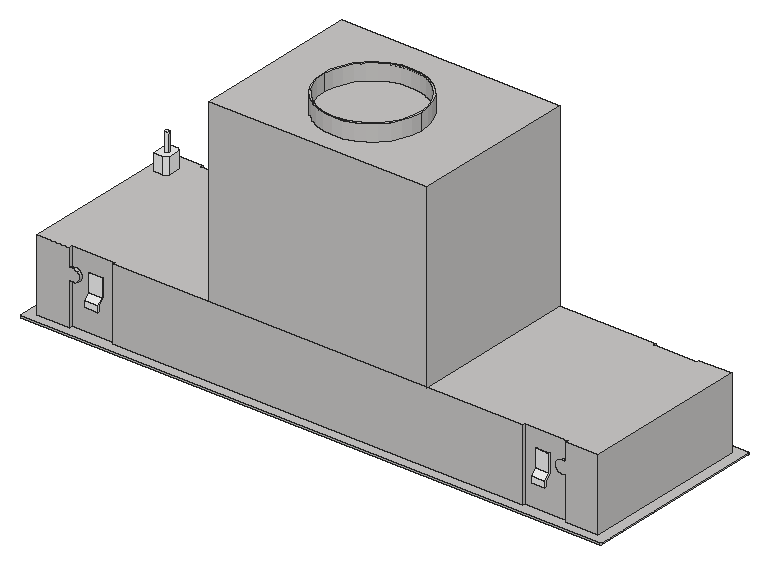
Revit family "FP_Revit_18_HPB9028-1_Rangehood_90000977B", category Specialty Equipment, Revit 2018
Family settings
  Round Connector Dimension = Use Diameter
  Part Type = Normal
  OmniClass Number = 23.40.40.00
  OmniClass Title = Food Service Equipment and Furnishings
  Work Plane-Based = No
  Always vertical = Yes
  Cut with Voids When Loaded = Yes
  Shared = No
  Room Calculation Point = No
Parameters
  Visibility - Clearance Required = yes
  URL = "www.fisherpaykel.com"
  Product - Width = 880 mm  # constant formula
  Product - Height = 412 mm  # constant formula
  Product - Depth = 280 mm  # constant formula
  Model = "HPB9028-1"
  Material - Glass = Fisher & Paykel - White Bezel
  Material - Body = Fisher & Paykel - Stainless Steel
  Manufacturer = "Fisher & Paykel Appliances"
  FFL Offset [instance] = 1550 mm
  Description = "90cm Integrated Insert Rangehood"
  Connector Description - Extraction = "150mm Outside diameter of ducting outlet, 955m³/hr"
  Connector Description - Electrical = "230 V, 15 A, Fused electrical supply"
  Chassis - Width = 849 mm  # constant formula
  Chassis - Height = 380 mm  # constant formula
  Chassis - Depth = 252 mm  # constant formula
  Cavity - Width = 855 mm  # constant formula
  Cavity - Height = 390 mm  # constant formula
  Cavity - Depth = 255 mm  # constant formula
Reference planes
  plane 1 "Center (Front/Back)": y = 0
  plane 2: z = 0
  plane 3 "Center (Left/Right)": x = 0
  plane 4 "Product LHS": x = -440
  plane 5 "Product RHS": x = 440
  plane 6 "Product Front": y = -140
  plane 7 "Cavity LHS": x = -427.5
  plane 8 "Cavity RHS": x = 427.5
  plane 9 "Product Rear": y = 140
  plane 10 "Chassis LHS": x = -424.5
  plane 11 "Chassis RHS": x = 424.5
  plane 12 "Product - Height": z = 1954.5
  plane 13 "Chassis Front": y = -126
  plane 14 "Chassis Rear": y = 126
  plane 15 "Cavity Rear": y = 127.5
  plane 16 "Cavity Front": y = -127.5
  plane 17 "Cavity - Height": z = 1940
  plane 18 "FFL Offset": z = 1550
Forms (mm)
  Extrusion 1, solid, material "Fisher & Paykel - Stainless Steel" <- "Material - Body"
    sketch origin (0, 0, 0) x (1, 0, 0) y (0, 0, 1)
      loop
        line (-165, 1658.4) -> (165, 1658.4) -> (165, 1930) -> (-165, 1930) -> (-165, 1658.4)
    from -126 to 126
  Extrusion 2, solid, material "Fisher & Paykel - Clearance Required", visible <- "Visibility - Clearance Required", detail levels coarse
    sketch origin (0, 0, 0) x (1, 0, 0) y (0, 1, 0)
      loop
        line (-427.5, 127.5) -> (-427.5, -127.5) -> (427.5, -127.5) -> (427.5, 127.5) -> (-427.5, 127.5)
    from 1550 to 1940
  Extrusion 3, solid, material "Fisher & Paykel - Clearance Required", visible <- "Visibility - Clearance Required", detail levels coarse
    sketch origin (0, 0, 0) x (1, 0, 0) y (0, 1, 0)
      loop
        circle (0.014, -23.004) r 80
    from 1940 to 1954.5
  Extrusion 4, void
    sketch origin (0, 0, 0) x (1, 0, 0) y (0, 1, 0)
      loop
        line (-427.5, 127.5) -> (-427.5, -127.5) -> (427.5, -127.5) -> (427.5, 127.5) -> (-427.5, 127.5)
    from 1550 to 1940
  Extrusion 5, void
    sketch origin (0, 0, 0) x (1, 0, 0) y (0, 1, 0)
      loop
        circle (0.014, -23.004) r 80
    from 1940 to 1954.5
  Extrusion 6, solid, material "Fisher & Paykel - Stainless Steel" <- "Material - Body"
    sketch origin (0, 0, 0) x (1, 0, 0) y (0, 1, 0)
      loop
        circle (0.014, -23.004) r 75
      loop
        circle (0.014, -23.004) r 73
    from 1930 to 1954.5
Text (mm)
  text "Due to ongoing product development, product details are subject to change without notice. \nPlease always refer to www.fisherpaykel.com for the most current product information. \n© Fisher & Paykel 2020" at (41.04, -1225.549, 0), in view "Ref. Level (Plan)"
Dimensions and locks
  equal spacing: plane 4 "Product LHS", plane 3 "Center (Left/Right)", plane 5 "Product RHS"
  "Product - Width": plane 4 "Product LHS" to plane 5 "Product RHS"
  equal spacing: plane 7 "Cavity LHS", plane 3 "Center (Left/Right)", plane 8 "Cavity RHS"
  "Cavity - Width": plane 7 "Cavity LHS" to plane 8 "Cavity RHS"
  equal spacing: plane 9 "Product Rear", plane 1 "Center (Front/Back)", plane 6 "Product Front"
  "Product - Depth": plane 9 "Product Rear" to plane 6 "Product Front"
  equal spacing: plane 10 "Chassis LHS", plane 3 "Center (Left/Right)", plane 11 "Chassis RHS"
  "Chassis - Width": plane 10 "Chassis LHS" to plane 11 "Chassis RHS"
  equal spacing: plane 14 "Chassis Rear", plane 1 "Center (Front/Back)", plane 13 "Chassis Front"
  "Chassis - Depth": plane 14 "Chassis Rear" to plane 13 "Chassis Front"
  equal spacing: plane 15 "Cavity Rear", plane 1 "Center (Front/Back)", plane 16 "Cavity Front"
  "Cavity - Depth": plane 15 "Cavity Rear" to plane 16 "Cavity Front"
  "FFL Offset": plane 18 "FFL Offset" to level
  locked: plane 18 "FFL Offset" to plane 12 "Product - Height" at 404.5
  "Cavity - Height": plane 18 "FFL Offset" to plane 17 "Cavity - Height"
  "Chassis - Height": Extrusion 1 to plane 18 "FFL Offset"
  locked: nested 1 to plane 18 "FFL Offset" at 108.4
  locked: plane 18 "FFL Offset" to Extrusion 1 at 108.4
  aligned and locked: level to plane 2
  aligned and locked: plane 14 "Chassis Rear" to Extrusion 1
  aligned and locked: Extrusion 1 to plane 13 "Chassis Front"
  aligned and locked: plane 8 "Cavity RHS" to Extrusion 2 sketch curve
  aligned and locked: plane 16 "Cavity Front" to Extrusion 2 sketch curve
  aligned and locked: Extrusion 2 sketch curve to plane 7 "Cavity LHS"
  aligned and locked: Extrusion 2 sketch curve to plane 15 "Cavity Rear"
  aligned and locked: Extrusion 2 to plane 17 "Cavity - Height"
  aligned and locked: Extrusion 3 to Extrusion 2
  aligned and locked: Extrusion 5 to Extrusion 4
  aligned and locked: Extrusion 3 to plane 12 "Product - Height"
  aligned and locked: Extrusion 2 to plane 18 "FFL Offset"
  aligned and locked: Extrusion 5 to plane 12 "Product - Height"
  aligned and locked: Extrusion 5 to Extrusion 2
  aligned and locked: Extrusion 4 to Extrusion 2
  aligned and locked: Extrusion 6 to plane 12 "Product - Height"
  aligned and locked: Extrusion 6 to Extrusion 1
Automatic sketch dimensions
  plane 17 "Cavity - Height" to Extrusion 1 sketch curve = 10 mm
  Extrusion 1 sketch curve to plane 3 "Center (Left/Right)" = 165 mm
  plane 3 "Center (Left/Right)" to Extrusion 1 sketch curve = 165 mm
  Extrusion 2 sketch curve to plane 8 "Cavity RHS" = 0 mm
  Extrusion 4 sketch curve to plane 7 "Cavity LHS" = 0 mm
  Extrusion 4 sketch curve to plane 8 "Cavity RHS" = 0 mm
  Extrusion 4 sketch curve to plane 16 "Cavity Front" = 0 mm
  Extrusion 4 sketch curve to plane 15 "Cavity Rear" = 0 mm
  Extrusion 6 sketch curve to Extrusion 6 sketch curve = 0 mm  (x2)
  plane 3 "Center (Left/Right)" to Extrusion 6 sketch curve = 0.014 mm
  plane 1 "Center (Front/Back)" to Extrusion 6 sketch curve = 23.004 mm
  plane 3 "Center (Left/Right)" to Extrusion 5 sketch curve = 0.014 mm
  plane 1 "Center (Front/Back)" to Extrusion 5 sketch curve = 23.004 mm
  plane 3 "Center (Left/Right)" to Extrusion 3 sketch curve = 0.014 mm
  plane 1 "Center (Front/Back)" to Extrusion 3 sketch curve = 23.004 mm
  level to Extrusion 1 sketch curve = 1658.4 mm
  radius of Extrusion 6 sketch curve = 75 mm
  radius of Extrusion 6 sketch curve = 73 mm
  radius of Extrusion 5 sketch curve = 80 mm
  radius of Extrusion 3 sketch curve = 80 mm
Nested families
  nested 1: "HPB9028-1" at (0, 0, 1550), type "HPB9028-1"
Connectors
  hvac at (0.014, -23.004, 1954.5), driven by "Connector Description - Extraction"
    settings: on Extrusion 6, index 2, duct flow 265.0 L/s, flow factor 0, pres drop 0.0 Pa, loss coef 0, conn angle 0.00°, conn width 304.8 mm, conn height 304.8 mm, conn diameter 150 mm, duct sys type 3, conn prof type 0, flow config 0, flow direction 2, loss method 0, conn ref index -1, conn util no, is conn primary yes, conn desc "150mm Outside diameter of ducting outlet, 955m³/hr"
  electrical at (-402.7, 92.95, 1710), driven by "Connector Description - Electrical"
    settings: on nested 1, index 3, voltage 230 V, apparent load 0 VA, apparent load phase1 0 VA, apparent load phase2 0 VA, apparent load phase3 0 VA, power factor 1, load classification "Other", number of poles 1, system type 30, power factor state 1, is connector primary yes, connector utility no, sub classification motor no, connector description "230 V, 15 A, Fused electrical supply"
Definition of nested family "HPB9028-1"
  Parameters (values of type "HPB9028-1")
    URL = "www.fisherpaykel.com"
    Product - Width = 880 mm  # constant formula
    Product - Depth = 280 mm  # constant formula
    Model = "HPB 9028-1"
    Material - Glass = none
    Material - Body = none
    Manufacturer = ""
    Description = ""
    Chassis - Width = 849 mm  # constant formula
    Chassis - Depth = 252 mm  # constant formula
  Reference planes
    plane 1 "Center (Front/Back)": y = 0
    plane 2: z = 0
    plane 3 "Center (Left/Right)": x = 0
    plane 4 "Product LHS": x = -440
    plane 5 "Product RHS": x = 440
    plane 6 "Product Front": y = -140
    plane 7 "Product Rear": y = 140
    plane 8 "Chassis LHS": x = -424.5
    plane 9 "Chassis RHS": x = 424.5
    plane 10 "Chassis Front": y = -126
    plane 11 "Chassis Rear": y = 126
  Forms (mm)
    Extrusion 1, solid, material <- "Material - Body"
      sketch origin (0, 0, 0) x (1, 0, 0) y (0, 0, 1)
        loop
          line (-424.5, 0) -> (424.5, 0) -> (424.5, 108.4) -> (-424.5, 108.4) -> (-424.5, 0)
      from -126 to 126
    Extrusion 2, solid, material <- "Material - Body"
      sketch origin (0, 0, 0) x (1, 0, 0) y (0, 1, 0)
        loop
          line (437.5, 140) -> (-437.5, 140)
          arc (-437.5, 140) -> (-439.268, 139.268) -> (-440, 137.5) r 2.5
          line (-440, 137.5) -> (-440, -137.5)
          arc (-440, -137.5) -> (-439.268, -139.268) -> (-437.5, -140) r 2.5
          line (-437.5, -140) -> (437.5, -140)
          arc (437.5, -140) -> (439.268, -139.268) -> (440, -137.5) r 2.5
          line (440, -137.5) -> (440, 137.5)
          arc (440, 137.5) -> (439.268, 139.268) -> (437.5, 140) r 2.5
        loop
          line (420, 120) -> (-420, 120) -> (-420, -120) -> (420, -120) -> (420, 120)
      from -2.5 to 0
    Extrusion 3, void
      sketch origin (0, 0, 0) x (1, 0, 0) y (0, 0, 1)
        loop
          line (-375.67, 108.4) -> (-375.67, 81.59) -> (-368.92, 81.59)
          arc (-368.92, 81.59) -> (-359.92, 72.59) -> (-368.92, 63.59) r 9
          line (-368.92, 63.59) -> (-375.057, 63.59) -> (-375.057, 0) -> (-310.52, 0) -> (-310.52, 108.4) -> (-375.67, 108.4)
        loop
          line (375.67, 108.4) -> (310.52, 108.4) -> (310.52, 0) -> (375.057, 0) -> (375.057, 63.59) -> (368.92, 63.59)
          arc (368.92, 63.59) -> (359.92, 72.59) -> (368.92, 81.59) r 9
          line (368.92, 81.59) -> (375.67, 81.59) -> (375.67, 108.4)
      from 122 to 126
    Extrusion 4, void
      sketch origin (0, 0, 0) x (1, 0, 0) y (0, 0, -1)
        loop
          line (-375.67, -108.4) -> (-310.52, -108.4) -> (-310.52, 0) -> (-375.057, 0) -> (-375.057, -63.59) -> (-368.92, -63.59)
          arc (-368.92, -63.59) -> (-359.92, -72.59) -> (-368.92, -81.59) r 9
          line (-368.92, -81.59) -> (-375.67, -81.59) -> (-375.67, -108.4)
        loop
          line (375.67, -108.4) -> (375.67, -81.59) -> (368.92, -81.59)
          arc (368.92, -81.59) -> (359.92, -72.59) -> (368.92, -63.59) r 9
          line (368.92, -63.59) -> (375.057, -63.59) -> (375.057, 0) -> (310.52, 0) -> (310.52, -108.4) -> (375.67, -108.4)
      from 122 to 126
    Extrusion 5, solid, detail levels fine
      sketch origin (0, 0, 0) x (0, 1, 0) y (0, 0, 1)
        loop
          line (-131.082, 47.589) -> (-131.082, 39.32) -> (-129.882, 39.32) -> (-129.882, 47.095) -> (-122, 54.977) -> (-122, 82.186) -> (-123.2, 82.186) -> (-123.2, 55.471) -> (-131.082, 47.589)
      from -347.88 to -328
    Extrusion 6, void
      sketch origin (0, 0, 0) x (1, 0, 0) y (0, 0, 1)
        loop
          line (-420, -2.5) -> (420, -2.5) -> (420, 0) -> (377.4, 17.365) -> (-377.4, 17.365) -> (-420, 0) -> (-420, -2.5)
      from -120 to 120
    Extrusion 7, void
      sketch origin (0, 0, 0) x (0, 1, 0) y (0, 0, 1)
        loop
          line (120, 17.365) -> (106.782, 67.5) -> (-67.2, 67.5) -> (-67.2, 27) -> (-87.6, 27) -> (-87.6, 67.5) -> (-120, 67.5) -> (-120, 17.365) -> (120, 17.365)
      from -377.4 to 377.4
    Extrusion 8, solid, material <- "Material - Body", detail levels medium+fine
      sketch origin (0, 0, 0) x (1, 0, 0) y (0, 0, 1)
        loop
          line (351.267, 39.229) -> (325.673, 39.229) -> (325.673, 19.87) -> (351.267, 19.87) -> (351.267, 39.229)
        loop
          line (310.52, 39.229) -> (288.173, 39.229) -> (288.173, 19.87) -> (310.52, 19.87) -> (310.52, 39.229)
        loop
          line (276.267, 39.229) -> (250.673, 39.229) -> (250.673, 19.87) -> (276.267, 19.87) -> (276.267, 39.229)
        loop
          line (238.767, 39.229) -> (213.173, 39.229) -> (213.173, 19.87) -> (238.767, 19.87) -> (238.767, 39.229)
        loop
          line (201.267, 39.229) -> (175.673, 39.229) -> (175.673, 19.87) -> (201.267, 19.87) -> (201.267, 39.229)
        loop
          line (150.965, 39.229) -> (150.965, 19.87) -> (163.767, 19.87) -> (163.767, 39.229) -> (150.965, 39.229)
        loop
          line (150.585, 39.229) -> (137.793, 39.229) -> (137.793, 19.87) -> (150.585, 19.87) -> (150.585, 39.229)
        loop
          line (125.888, 39.229) -> (100.293, 39.229) -> (100.293, 19.87) -> (125.888, 19.87) -> (125.888, 39.229)
        loop
          line (88.388, 39.229) -> (62.793, 39.229) -> (62.793, 19.87) -> (88.388, 19.87) -> (88.388, 39.229)
        loop
          line (50.888, 39.229) -> (25.293, 39.229) -> (25.293, 19.87) -> (50.888, 19.87) -> (50.888, 39.229)
        loop
          line (12.797, 39.229) -> (-12.797, 39.229) -> (-12.797, 19.87) -> (12.797, 19.87) -> (12.797, 39.229)
        loop
          line (363.173, 39.229) -> (363.173, 19.87) -> (375.057, 19.87) -> (375.057, 39.229) -> (363.173, 39.229)
        loop
          line (-351.267, 39.229) -> (-351.267, 19.87) -> (-325.673, 19.87) -> (-325.673, 39.229) -> (-351.267, 39.229)
        loop
          line (-310.52, 39.229) -> (-310.52, 19.87) -> (-288.173, 19.87) -> (-288.173, 39.229) -> (-310.52, 39.229)
        loop
          line (-276.267, 39.229) -> (-276.267, 19.87) -> (-250.673, 19.87) -> (-250.673, 39.229) -> (-276.267, 39.229)
        loop
          line (-238.767, 39.229) -> (-238.767, 19.87) -> (-213.173, 19.87) -> (-213.173, 39.229) -> (-238.767, 39.229)
        loop
          line (-201.267, 39.229) -> (-201.267, 19.87) -> (-175.673, 19.87) -> (-175.673, 39.229) -> (-201.267, 39.229)
        loop
          line (-150.965, 39.229) -> (-163.767, 39.229) -> (-163.767, 19.87) -> (-150.965, 19.87) -> (-150.965, 39.229)
        loop
          line (-150.585, 39.229) -> (-150.585, 19.87) -> (-137.793, 19.87) -> (-137.793, 39.229) -> (-150.585, 39.229)
        loop
          line (-125.888, 39.229) -> (-125.888, 19.87) -> (-100.293, 19.87) -> (-100.293, 39.229) -> (-125.888, 39.229)
        loop
          line (-88.388, 39.229) -> (-88.388, 19.87) -> (-62.793, 19.87) -> (-62.793, 39.229) -> (-88.388, 39.229)
        loop
          line (-50.888, 39.229) -> (-50.888, 19.87) -> (-25.293, 19.87) -> (-25.293, 39.229) -> (-50.888, 39.229)
        loop
          line (-363.173, 39.229) -> (-375.057, 39.229) -> (-375.057, 19.87) -> (-363.173, 19.87) -> (-363.173, 39.229)
      from -97.693 to 67.2
    Extrusion 9, solid, material <- "Material - Body", detail levels medium+fine
      sketch origin (0, 0, 0) x (0, 1, 0) y (0, 0, 1)
        loop
          line (98.187, 39.229) -> (98.187, 19.333) -> (110.095, 16.053) -> (117.213, 19.87) -> (117.213, 25.663) -> (113.831, 39.229) -> (98.187, 39.229)
      from -375 to 375
    Extrusion 10, solid, material <- "Material - Body", detail levels fine
      sketch origin (0, 0, 0) x (1, 0, 0) y (0, 1, 0)
        loop
          circle (-263.124, 67.08) r 6
        loop
          circle (-263.124, -42.683) r 6
        loop
          circle (263.124, 67.08) r 6
        loop
          circle (263.124, -42.683) r 6
        loop
          circle (0, 67.08) r 6
        loop
          circle (0, -42.683) r 6
      from 13 to 19.87
    Extrusion 11, solid, detail levels fine
      sketch origin (0, 0, 0) x (0, 1, 0) y (0, 0, -1)
        loop
          line (-131.082, -47.589) -> (-123.2, -55.471) -> (-123.2, -82.186) -> (-122, -82.186) -> (-122, -54.977) -> (-129.882, -47.095) -> (-129.882, -39.32) -> (-131.082, -39.32) -> (-131.082, -47.589)
      from -347.88 to -328
    Extrusion 12, solid, detail levels fine
      sketch origin (0, 0, 0) x (0, -1, 0) y (0, 0, -1)
        loop
          line (-131.082, -47.589) -> (-123.2, -55.471) -> (-123.2, -82.186) -> (-122, -82.186) -> (-122, -54.977) -> (-129.882, -47.095) -> (-129.882, -39.32) -> (-131.082, -39.32) -> (-131.082, -47.589)
      from -347.88 to -328
    Extrusion 13, solid, detail levels fine
      sketch origin (0, 0, 0) x (0, -1, 0) y (0, 0, 1)
        loop
          line (-131.082, 47.589) -> (-131.082, 39.32) -> (-129.882, 39.32) -> (-129.882, 47.095) -> (-122, 54.977) -> (-122, 82.186) -> (-123.2, 82.186) -> (-123.2, 55.471) -> (-131.082, 47.589)
      from -347.88 to -328
    Extrusion 14, solid
      sketch origin (-1, 0.2, 0) x (1, 0, 0) y (0, 1, 0)
        loop
          line (-411.7, 106.5) -> (-411.7, 79) -> (-396.95, 79) -> (-391.7, 84.25) -> (-391.7, 101.25) -> (-396.95, 106.5) -> (-411.7, 106.5)
      from 108.4 to 133.4
    Extrusion 15, solid
      sketch origin (-1, 0.2, 0) x (1, 0, 0) y (0, 1, 0)
        loop
          circle (-401.7, 92.75) r 3
      from 133.4 to 160
    Extrusion 16, solid, material <- "Material - Glass", detail levels fine
      sketch origin (0, 0, 0) x (0, 1, 0) y (0, 0, 1)
        loop
          line (-120, 67.5) -> (-120, 27) -> (-87.6, 27) -> (-87.6, 67.5) -> (-120, 67.5)
      from -377.4 to 377.4
  Cuts and joins
    Extrusion 3, Extrusion 4, Extrusion 6, Extrusion 7 cuts Extrusion 1
    Extrusion 4 cuts Extrusion 2
  Text (mm)
    text "Due to ongoing product development, product details are subject to change without notice. \nPlease always refer to www.fisherpaykel.com for the most current product information. \n© Fisher & Paykel 2020" at (41.04, -1225.549, 0), in view "Ref. Level (Plan)"
  Dimensions and locks
    equal spacing: plane 4 "Product LHS", plane 3 "Center (Left/Right)", plane 5 "Product RHS"
    "Product - Width": plane 4 "Product LHS" to plane 5 "Product RHS"
    equal spacing: plane 7 "Product Rear", plane 1 "Center (Front/Back)", plane 6 "Product Front"
    "Product - Depth": plane 7 "Product Rear" to plane 6 "Product Front"
    equal spacing: plane 8 "Chassis LHS", plane 3 "Center (Left/Right)", plane 9 "Chassis RHS"
    "Chassis - Width": plane 8 "Chassis LHS" to plane 9 "Chassis RHS"
    Extrusion 8 to Extrusion 9 = 19.359 mm
    level to Extrusion 9 = 39.229 mm
    locked: level to cut or joined group of Extrusion 2, Extrusion 4 at 2.5
    cut or joined group of Extrusion 1, Extrusion 3, Extrusion 4, Extrusion 6, Extrusion 7 to level = 108.4 mm
    equal spacing: plane 11 "Chassis Rear", plane 1 "Center (Front/Back)", plane 10 "Chassis Front"
    "Chassis - Depth": plane 11 "Chassis Rear" to plane 10 "Chassis Front"
    plane 1 "Center (Front/Back)" to Extrusion 15 = 92.95 mm
    aligned and locked: level to plane 2
    aligned and locked: plane 8 "Chassis LHS" to Extrusion 1 sketch curve
    aligned and locked: Extrusion 1 sketch curve to plane 9 "Chassis RHS"
    aligned and locked: level to Extrusion 1 sketch curve
    aligned and locked: plane 7 "Product Rear" to Extrusion 2 sketch curve
    aligned and locked: plane 4 "Product LHS" to Extrusion 2 sketch curve
    aligned and locked: Extrusion 2 sketch curve to plane 6 "Product Front"
    aligned and locked: Extrusion 2 sketch curve to plane 5 "Product RHS"
    aligned and locked: Extrusion 10 to Extrusion 8
    aligned and locked: Extrusion 1 to Extrusion 4
    aligned and locked: Extrusion 1 to Extrusion 3
    aligned and locked: plane 11 "Chassis Rear" to Extrusion 1
    aligned and locked: Extrusion 1 to plane 10 "Chassis Front"
    aligned and locked: Extrusion 1 to plane 8 "Chassis LHS"
    aligned and locked: plane 9 "Chassis RHS" to Extrusion 1
  Automatic sketch dimensions
    level to Extrusion 1 sketch curve = 108.4 mm
    Extrusion 3 sketch curve to level = 0 mm  (x2)
    plane 8 "Chassis LHS" to Extrusion 3 sketch curve = 48.83 mm
    plane 8 "Chassis LHS" to Extrusion 3 sketch curve = 49.443 mm
    Extrusion 3 sketch curve to Extrusion 3 sketch curve = 6.75 mm  (x2)
    Extrusion 3 sketch curve to Extrusion 3 sketch curve = 58.4 mm
    Extrusion 3 sketch curve to plane 9 "Chassis RHS" = 113.98 mm
    Extrusion 3 sketch curve to plane 9 "Chassis RHS" = 55.58 mm
    Extrusion 3 sketch curve to plane 9 "Chassis RHS" = 49.443 mm
    level to Extrusion 3 sketch curve = 63.59 mm  (x2)
    Extrusion 3 sketch curve to Extrusion 3 sketch curve = 9 mm  (x2)
    Extrusion 3 sketch curve to Extrusion 3 sketch curve = 26.81 mm  (x2)
    Extrusion 4 sketch curve to level = 0 mm  (x2)
    plane 8 "Chassis LHS" to Extrusion 4 sketch curve = 48.83 mm
    plane 8 "Chassis LHS" to Extrusion 4 sketch curve = 49.443 mm
    Extrusion 4 sketch curve to Extrusion 4 sketch curve = 6.75 mm  (x2)
    Extrusion 4 sketch curve to Extrusion 4 sketch curve = 58.4 mm
    Extrusion 4 sketch curve to plane 9 "Chassis RHS" = 113.98 mm
    Extrusion 4 sketch curve to plane 9 "Chassis RHS" = 55.58 mm
    Extrusion 4 sketch curve to plane 9 "Chassis RHS" = 49.443 mm
    level to Extrusion 4 sketch curve = 63.59 mm  (x2)
    Extrusion 4 sketch curve to Extrusion 4 sketch curve = 9 mm  (x2)
    Extrusion 4 sketch curve to Extrusion 4 sketch curve = 26.81 mm  (x2)
    Extrusion 5 sketch curve to Extrusion 5 sketch curve = 1.2 mm  (x2)
    plane 10 "Chassis Front" to Extrusion 5 sketch curve = 2.8 mm
    level to Extrusion 5 sketch curve = 39.32 mm
    Extrusion 5 sketch curve to Extrusion 5 sketch curve = 7.775 mm
    Extrusion 5 sketch curve to Extrusion 5 sketch curve = 0.494 mm  (x2)
    Extrusion 5 sketch curve to Extrusion 5 sketch curve = 7.882 mm
    Extrusion 5 sketch curve to Extrusion 5 sketch curve = 26.715 mm
    Extrusion 6 sketch curve to level = 0 mm  (x2)
    plane 8 "Chassis LHS" to Extrusion 6 sketch curve = 4.5 mm
    level to Extrusion 6 sketch curve = 17.365 mm
    Extrusion 6 sketch curve to Extrusion 6 sketch curve = 42.6 mm
    Extrusion 6 sketch curve to plane 9 "Chassis RHS" = 47.1 mm
    Extrusion 6 sketch curve to plane 9 "Chassis RHS" = 4.5 mm
    Extrusion 6 sketch curve to level = 2.5 mm
    level to Extrusion 8 sketch curve = 19.87 mm  (x4)
    plane 8 "Chassis LHS" to Extrusion 8 sketch curve = 49.443 mm
    Extrusion 8 sketch curve to Extrusion 8 sketch curve = 11.884 mm  (x2)
    Extrusion 8 sketch curve to Extrusion 8 sketch curve = 11.905 mm  (x16)
    Extrusion 8 sketch curve to Extrusion 8 sketch curve = 25.595 mm  (x13)
    Extrusion 8 sketch curve to Extrusion 8 sketch curve = 15.153 mm  (x2)
    Extrusion 8 sketch curve to Extrusion 8 sketch curve = 22.347 mm  (x2)
    Extrusion 8 sketch curve to Extrusion 8 sketch curve = 12.802 mm  (x2)
    Extrusion 8 sketch curve to Extrusion 8 sketch curve = 0.38 mm  (x2)
    Extrusion 8 sketch curve to Extrusion 8 sketch curve = 12.792 mm  (x2)
    Extrusion 8 sketch curve to plane 3 "Center (Left/Right)" = 25.293 mm
    Extrusion 8 sketch curve to Extrusion 8 sketch curve = 12.496 mm  (x2)
    plane 3 "Center (Left/Right)" to Extrusion 8 sketch curve = 12.797 mm
    Extrusion 8 sketch curve to Extrusion 8 sketch curve = 0 mm  (x38)
    Extrusion 8 sketch curve to Extrusion 8 sketch curve = 19.359 mm  (x4)
    Extrusion 9 sketch curve to plane 11 "Chassis Rear" = 27.813 mm
    Extrusion 9 sketch curve to Extrusion 9 sketch curve = 11.908 mm
    Extrusion 9 sketch curve to plane 11 "Chassis Rear" = 12.169 mm
    Extrusion 9 sketch curve to plane 11 "Chassis Rear" = 8.787 mm
    level to Extrusion 9 sketch curve = 16.053 mm
    Extrusion 9 sketch curve to Extrusion 9 sketch curve = 3.28 mm
    Extrusion 9 sketch curve to Extrusion 9 sketch curve = 3.817 mm
    Extrusion 9 sketch curve to Extrusion 9 sketch curve = 5.794 mm
    Extrusion 9 sketch curve to Extrusion 9 sketch curve = 13.565 mm
    Extrusion 10 sketch curve to plane 3 "Center (Left/Right)" = 0 mm  (x2)
    Extrusion 10 sketch curve to plane 11 "Chassis Rear" = 58.92 mm  (x3)
    plane 8 "Chassis LHS" to Extrusion 10 sketch curve = 161.376 mm
    plane 1 "Center (Front/Back)" to Extrusion 10 sketch curve = 42.683 mm  (x3)
    Extrusion 10 sketch curve to Extrusion 10 sketch curve = 0 mm  (x2)
    Extrusion 10 sketch curve to plane 9 "Chassis RHS" = 161.376 mm
    Extrusion 11 sketch curve to Extrusion 11 sketch curve = 1.2 mm  (x2)
    plane 10 "Chassis Front" to Extrusion 11 sketch curve = 2.8 mm
    level to Extrusion 11 sketch curve = 82.186 mm
    Extrusion 11 sketch curve to Extrusion 11 sketch curve = 26.715 mm
    Extrusion 11 sketch curve to Extrusion 11 sketch curve = 0.494 mm  (x2)
    Extrusion 11 sketch curve to Extrusion 11 sketch curve = 7.882 mm
    Extrusion 11 sketch curve to Extrusion 11 sketch curve = 7.775 mm
    Extrusion 12 sketch curve to Extrusion 12 sketch curve = 1.2 mm  (x2)
    plane 11 "Chassis Rear" to Extrusion 12 sketch curve = 2.8 mm
    Extrusion 12 sketch curve to level = 39.32 mm
    Extrusion 12 sketch curve to Extrusion 12 sketch curve = 7.775 mm
    Extrusion 12 sketch curve to Extrusion 12 sketch curve = 0.494 mm  (x2)
    Extrusion 12 sketch curve to Extrusion 12 sketch curve = 7.882 mm
    Extrusion 12 sketch curve to Extrusion 12 sketch curve = 26.715 mm
    Extrusion 13 sketch curve to Extrusion 13 sketch curve = 1.2 mm  (x2)
    Extrusion 13 sketch curve to plane 11 "Chassis Rear" = 2.8 mm
    level to Extrusion 13 sketch curve = 39.32 mm
    Extrusion 13 sketch curve to Extrusion 13 sketch curve = 7.775 mm
    Extrusion 13 sketch curve to Extrusion 13 sketch curve = 0.494 mm  (x2)
    Extrusion 13 sketch curve to Extrusion 13 sketch curve = 7.882 mm
    Extrusion 13 sketch curve to Extrusion 13 sketch curve = 26.715 mm
    plane 8 "Chassis LHS" to Extrusion 14 sketch curve = 11.8 mm
    Extrusion 14 sketch curve to Extrusion 14 sketch curve = 14.75 mm
    Extrusion 14 sketch curve to Extrusion 14 sketch curve = 20 mm
    Extrusion 14 sketch curve to Extrusion 14 sketch curve = 5.25 mm  (x3)
    Extrusion 14 sketch curve to Extrusion 14 sketch curve = 17 mm
    Extrusion 14 sketch curve to plane 11 "Chassis Rear" = 19.3 mm
    plane 8 "Chassis LHS" to Extrusion 15 sketch curve = 21.8 mm
    Extrusion 15 sketch curve to plane 11 "Chassis Rear" = 33.05 mm
    plane 10 "Chassis Front" to Extrusion 16 sketch curve = 6 mm
    Extrusion 16 sketch curve to Extrusion 16 sketch curve = 32.4 mm
    level to Extrusion 16 sketch curve = 27 mm
    Extrusion 16 sketch curve to Extrusion 16 sketch curve = 40.5 mm
    plane 10 "Chassis Front" to Extrusion 7 sketch curve = 6 mm
    Extrusion 7 sketch curve to Extrusion 7 sketch curve = 32.4 mm
    Extrusion 7 sketch curve to Extrusion 7 sketch curve = 20.4 mm
    Extrusion 7 sketch curve to plane 11 "Chassis Rear" = 19.218 mm
    Extrusion 7 sketch curve to plane 11 "Chassis Rear" = 6 mm
    level to Extrusion 7 sketch curve = 17.365 mm
    level to Extrusion 7 sketch curve = 27 mm
    Extrusion 7 sketch curve to Extrusion 7 sketch curve = 40.5 mm
    Extrusion 7 sketch curve to Extrusion 7 sketch curve = 50.135 mm
    Extrusion 2 sketch curve to plane 4 "Product LHS" = 2.5 mm
    plane 8 "Chassis LHS" to Extrusion 2 sketch curve = 4.5 mm
    Extrusion 2 sketch curve to plane 1 "Center (Front/Back)" = 137.5 mm
    Extrusion 2 sketch curve to plane 9 "Chassis RHS" = 4.5 mm
    plane 5 "Product RHS" to Extrusion 2 sketch curve = 2.5 mm
    plane 10 "Chassis Front" to Extrusion 2 sketch curve = 6 mm
    Extrusion 2 sketch curve to plane 11 "Chassis Rear" = 6 mm
    Extrusion 2 sketch curve to Extrusion 2 sketch curve = 2.5 mm
    Extrusion 12 sketch curve to plane 11 "Chassis Rear" = 3.882 mm
    plane 11 "Chassis Rear" to Extrusion 13 sketch curve = 3.882 mm
    Extrusion 5 sketch curve to plane 10 "Chassis Front" = 3.882 mm
    Extrusion 11 sketch curve to plane 10 "Chassis Front" = 3.882 mm
    radius of Extrusion 10 sketch curve = 6 mm  (x6)
    radius of Extrusion 15 sketch curve = 3 mm
